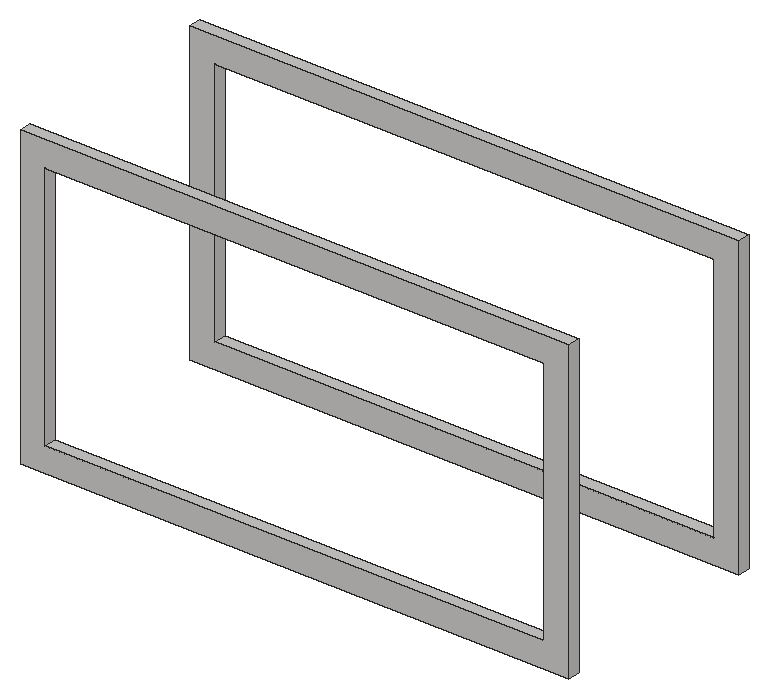
Revit family "開孔-矩形_無", category 管附件, Revit 2022
Family settings
  圓形接點標註 = 使用直徑
  組件類型 = 正常
  以工作平面為基礎 = 否
  總是垂直 = 是
  載入時使用空心切割 = 是
  共用 = 否
Parameters (values of type "開孔-1000*500")
  Width [instance] = 1000 mm
  W/2 [instance] = Width / 2  # 500 mm
  Visible = yes
  TW/2_add50 [instance] = 長度 / 2 + 25 mm  # 225 mm
  TW/2 [instance] = 長度 / 2  # 200 mm
  長度 [instance] = 400 mm
  Height [instance] = 500 mm
  HB_族群版本 = "2026.08.26.01"
  H/2 [instance] = Height / 2  # 250 mm
  預設高程 = 0 mm
  Border [instance] = 50 mm
Reference planes
  plane 1 "Center (Front/Back)": y = 0
  plane 2: z = 0
  plane 3 "Center (Left/Right)": x = 0
  plane 4: z = -300
Forms (mm)
  Extrusion 1, void
    sketch origin (0, -125, 0) x (0, 0, 1) y (1, 0, 0)
      loop
        line (250, -500) -> (250, 500) -> (-250, 500) -> (-250, -500) -> (250, -500)
    from -150 to 400 <- "長度"
  Extrusion 2, solid, material "Steel", visible <- "Visible"
    sketch origin (0, 0, 0) x (1, 0, 0) y (0, 0, 1)
      loop
        line (-550, 300) -> (-550, -300) -> (550, -300) -> (550, 300) -> (-550, 300)
      loop
        line (500, 250) -> (-500, 250) -> (-500, -250) -> (500, -250) -> (500, 250)
    from 225 <- "TW/2_add50" to 200 <- "TW/2"
  Extrusion 3, solid, material "Steel", visible <- "Visible"
    sketch origin (0, 0, 0) x (1, 0, 0) y (0, 0, -1)
      loop
        line (-550, -300) -> (550, -300) -> (550, 300) -> (-550, 300) -> (-550, -300)
      loop
        line (500, -250) -> (500, 250) -> (-500, 250) -> (-500, -250) -> (500, -250)
    from 225 <- "TW/2_add50" to 200 <- "TW/2"
Dimensions and locks
  level to plane 3 "Center (Left/Right)" = 0 mm
  "Width": Extrusion 1 sketch curve to Extrusion 1 sketch curve
  "W/2": plane 3 "Center (Left/Right)" to Extrusion 1 sketch curve
  "Height": Extrusion 1 sketch curve to Extrusion 1 sketch curve
  "H/2": level to Extrusion 1 sketch curve
  equal spacing: Extrusion 1, plane 1 "Center (Front/Back)", Extrusion 1
  "Border": Extrusion 2 sketch curve to Extrusion 1  (x3)
  "Border": Extrusion 1 to Extrusion 2 sketch curve
  locked: Extrusion 1 to Extrusion 2 sketch curve  (x3)
  locked: Extrusion 2 sketch curve to Extrusion 1
  equal spacing: Extrusion 3, plane 1 "Center (Front/Back)", Extrusion 2
  locked: Extrusion 3 sketch curve to Extrusion 1  (x3)
  locked: Extrusion 1 to Extrusion 3 sketch curve
  "Border": Extrusion 3 sketch curve to Extrusion 1  (x3)
  "Border": Extrusion 1 to Extrusion 3 sketch curve
  aligned and locked: level to plane 2
  aligned and locked: plane 4 to Extrusion 3
